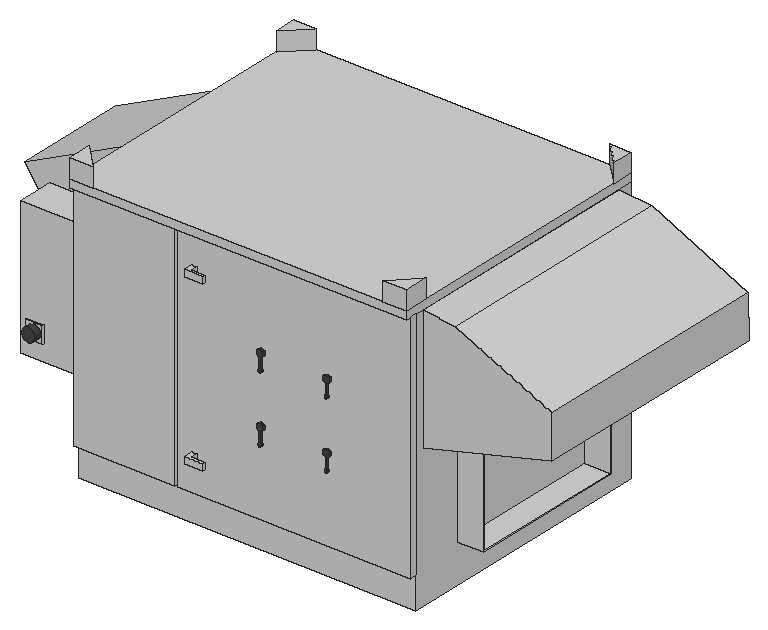
Revit family "Ventilator-RenewAire-Energy-Recovery-HE2XRTF", category Mechanical Equipment, Revit 2015
Parameters (values of type "1.5 HP 120V Single Phase")
  Voltage = "120"
  Ventilation Type = "Static Plate, Heat and Humidity Transfer"
  Unit Width = "43-1/2\""
  Unit Weight = "498-689 lbs., varies by option(s)"
  Unit Length = "87-1/2\""
  Unit Height = "44\""
  Unit = Metal - RenewAire - Anodized - Gray Text
  URL = "www.renewaire.com"
  Typical Airflow Range = "500-2,000 CFM"
  Standard Features = "TEFC Premium efficiency motors, Motor starters, Non-Fused Disconnect, 24VAC Transformer/Relay Package"
  Shipping Weight = "784 lbs."
  Service Area Visibility = no
  Service Area Box = Interference - RenewAire - Smooth - Light - Gold
  Revit Object Download Link = ""
  Phase = "Single"
  Options = "Integrated programmable controls, Fused disconnect, Double wall construction, Factory supplied and mounted variable frequency drives (VFDs) – one or both airstreams, Class 1 low leakage motorized isolation dampers – OA, RA or both airstreams, Qty. 2 Factory mounted filter alarms, Exterior Paint - white, custom colors"
  Optional Motorized Damper - OA = yes
  Optional Motorized Damper - EA = yes
  Number Motors = "Qty. 2, Belt drive blower/motor packages with adjustable sheaves"
  Model = "HE2XRTF"
  Minimum Circuit Amps = "34.2 A"
  Maximum Overcurrent Protection = "45 A"
  Max. Shipping Width = "47\""
  Max. Shipping Length = "96\""
  Max. Shipping Height = "50\""
  Manufacturer = "RenewAire LLC"
  Frequency = "60 HZ"
  FLA per Motor = "15.2"
  Description = "Energy Recovery Ventilator"
  Connector Base Material = Glass - With - Transparency
  Accessories = "Filters - MERV 13, 2\" (shipped loose), Roof curb - standard 14\", Curb wind clip, Engineered combo curb for Carrier RTU, Engineered combo curb for Trane RTU, Digital time clock - wall mount(TC7D-W), in exterior enclosure (TC7D-E), Motion occupancy control - ceiling mount(MC-C),  wall mount(MC-W), Carbon dioxide control - wall mount (CO2-W), duct mount(CO2-D), Electric duct heater – EK series (1-60 KW); designed for indoor ductwork installation only, Indirect gas-fired duct furnace - GH series (50-400 MBH), installed downstream of any fans"
  AHRI 1060 Certified Core = "Two L125-G5"
Types (11): name | Voltage | Phase | Minimum Circuit Amps | Maximum Overcurrent Protection | FLA per Motor
  (no name) | "120" | "Single" | "34.2 A" | "45 A" | "15.2"
  1.5 HP 120V Single Phase | "120" | "Single" | "34.2 A" | "45 A" | "15.2"
  1.5 HP 208-230V Single Phase | "208-230" | "Single" | "18.5 A" | "25 A" | "8.2-7.6"
  1.5 HP 208-230V Three Phase | "208-230" | "Three" | "10.8 A" | "15 A" | "4.6-4.8"
  1.5 HP 460V Three Phase | "460" | "Three" | "5.4 A" | "15 A" | "2.4"
  1.5 HP 575V Three Phase | "575" | "Three" | "4.1 A" | "15 A" | "1.8"
  2.0HP 120V Single Phase | "120" | "Single" | "45 A" | "60 A" | "20.0"
  2.0HP 208-230V Single Phase | "208-230" | "Single" | "24.3 A" | "35 A" | "10.8-10.0"
  2.0HP 208-230V Three Phase | "208-230" | "Three" | "14.9 A" | "20" | "6.6-5.8"
  2.0HP 460V Three Phase | "460" | "Three" | "6.5 A" | "15 A" | "2.9"
  2.0HP 575V Three Phase | "575" | "Three" | "5.4 A" | "15 A" | "2.4"
Reference planes (in)
  plane 1 "Center (Front/Back)": y = 0
  plane 2: z = 0
  plane 3 "Center (Left/Right)": x = 0
  plane 4: z = 23
  plane 5: z = 31.5
  plane 6: z = 25.75
  plane 7: x = -38.5
  plane 8: x = -30.625
  plane 9: x = -42.78125
  plane 10 "RA": x = 25.375
  plane 11 "FA": x = -25.375
  plane 12 "Bottom": z = 4
Forms (in)
  Extrusion 1, solid, material "Metal - RenewAire - Anodized - Gray Text" <- "Unit"
    sketch origin (0, 0, 0) x (1, 0, 0) y (0, 0, 1)
      loop
        line (-25.375, 40) -> (-25.375, 0) -> (25.375, 0) -> (25.375, 40) -> (-25.375, 40)
    from 19.75 to -20.75
  Extrusion 2, solid, material "Metal - RenewAire - Anodized - Gray Text"
    sketch origin (0, 0, 0) x (1, 0, 0) y (0, 0, 1)
      loop
        line (-9.6735, 40) -> (-9.6735, 4.75) -> (25.375, 4.75) -> (25.375, 40) -> (-9.6735, 40)
    from 20.75 to 19.75
  Extrusion 3, solid, material "Metal - RenewAire - Anodized - Gray Text"
    sketch origin (0, 0, 4.25) x (0, 1, 0) y (0, 0, 1)
      loop
        line (-12, 15.625) -> (-12, 1.625) -> (12, 1.625) -> (12, 15.625) -> (-12, 15.625)
      loop
        line (-11.875, 15.5) -> (-11.875, 1.75) -> (11.875, 1.75) -> (11.875, 15.5) -> (-11.875, 15.5)
    from 29.375 to 25.375
  Extrusion 4, solid, material "Metal - RenewAire - Anodized - Gray Text"
    sketch origin (13.514, 0.5, 36.5) x (0, 1, 0) y (-1, 0, 0)
      loop
        line (-21.25, 20.3125) -> (-21.25, 21.0625) -> (-22.625, 21.0625) -> (-22.625, 18.25) -> (-22.25, 18.25) -> (-22.25, 20.3125) -> (-21.25, 20.3125)
    from -26.25 to -27.25
  Extrusion 5, solid, material "Metal - RenewAire - Anodized - Gray Text"
    sketch origin (13.514, 0.5, 34.5) x (0, 1, 0) y (-1, 0, 0)
      loop
        line (-21.25, 20.3125) -> (-21.25, 21.0625) -> (-22.625, 21.0625) -> (-22.625, 18.25) -> (-22.25, 18.25) -> (-22.25, 20.3125) -> (-21.25, 20.3125)
    from 0 to 1
  Extrusion 6, solid, material "Metal - RenewAire - Anodized - Gray Text" <- "Unit"
    sketch origin (0, 0, 5.25) x (0, 1, 0) y (0, 0, 1)
      loop
        line (-12.75, 28) -> (-18.25, 28) -> (-18.25, 7.5) -> (-12.75, 7.5) -> (-12.75, 28)
    from -25.375 to -35.375
  Extrusion 7, solid, material "Metal - RenewAire - Anodized - Gray Text"
    sketch origin (-1, 0, 5.25) x (1, 0, 0) y (0, 0, 1)
      loop
        line (-33.375, 12.5) -> (-33.375, 10) -> (-30.875, 10) -> (-30.875, 12.5) -> (-33.375, 12.5)
    from 18.25 to 18.5
  Extrusion 8, solid, material "MonitorPorts"
    sketch origin (-1, 0, 5.25) x (1, 0, 0) y (0, 0, 1)
      loop
        circle (-32.125, 11.25) r 1
    from 19.5 to 18.5
  Extrusion 9, solid, material "Interference - RenewAire - Smooth - Light - Gold" <- "Service Area Box", visible <- "Service Area Visibility"
    sketch origin (0, 0, 0) x (1, 0, 0) y (0, 0, 1)
      loop
        line (-35.375, 41.1875) -> (-35.375, 0) -> (25.375, 0) -> (25.375, 41.1875) -> (-35.375, 41.1875)
    from 54.4375 to 20.75
  Extrusion 10, solid, material "Metal - RenewAire - Anodized - Gray Text"
    sketch origin (0, 0, 0) x (1, 0, 0) y (0, 0, 1)
      loop
        line (-25.375, 4.75) -> (-10.06284, 4.75) -> (-10.06284, 40) -> (-25.375, 40) -> (-25.375, 4.75)
    from 20.75 to 19.75
  Extrusion 11, solid, material "Metal - RenewAire - Anodized - Gray Text"
    sketch origin (0, 0, 0) x (1, 0, 0) y (0, 1, 0)
      loop
        line (-25.375, 20.75) -> (-25.375, -21.5) -> (25.375, -21.5) -> (25.375, 20.75) -> (-25.375, 20.75)
    from 41.1875 to 40
  Extrusion 12, solid, material "Metal - RenewAire - Anodized - Gray Text"
    sketch origin (-0.1875, 0, 0) x (1, 0, 0) y (0, 0, 1)
      loop
        line (25.5625, 21.375) -> (45.06666, 26.44892) -> (45.06666, 32.86982) -> (30.59449, 39.5) -> (25.5625, 40) -> (25.5625, 21.375)
    from 18.455 to -18.455
  Extrusion 13, solid, material "Metal - RenewAire - Anodized - Gray Text"
    sketch origin (0.125, 0, 0) x (1, 0, 0) y (0, 0, 1)
      loop
        line (-25.5, 40) -> (-42.90625, 31.5) -> (-38.625, 25.75) -> (-30.75, 23) -> (-25.5, 23) -> (-25.5, 40)
    from 8.1875 to -9.0625
  Extrusion 14, void
    sketch origin (0, 0, 0) x (1, 0, 0) y (0, 1, 0)
      loop
        line (-24.75, 20.25) -> (-24.75, -19.25) -> (24.8125, -19.25) -> (24.8125, 20.25) -> (-24.75, 20.25)
    from 0 to 3.625
  Extrusion 15, solid, material "Metal - RenewAire - Anodized - Gray Text" <- "Unit"
    sketch origin (0, -0.4375, 0) x (1, 0, 0) y (0, 1, 0)
      loop
        line (-25.375, -21.0625) -> (-21.8125, -21.0625) -> (-25.375, -17.5) -> (-25.375, -21.0625)
    from 41.1875 to 44
  Extrusion 16, solid, material "Metal - RenewAire - Anodized - Gray Text" <- "Unit"
    sketch origin (0, -0.4375, 0) x (-1, 0, 0) y (0, -1, 0)
      loop
        line (-25.375, 21.0625) -> (-25.375, 17.5) -> (-21.8125, 21.0625) -> (-25.375, 21.0625)
    from 41.1875 to 44
  Extrusion 17, solid, material "Metal - RenewAire - Anodized - Gray Text" <- "Unit"
    sketch origin (0, 0, 0) x (1, 0, 0) y (0, 1, 0)
      loop
        line (-25.375, 20.75) -> (-25.375, 17.5) -> (-22.125, 20.75) -> (-25.375, 20.75)
    from 41.1875 to 44
  Extrusion 18, solid, material "Metal - RenewAire - Anodized - Gray Text" <- "Unit"
    sketch origin (0, 0, 0) x (-1, 0, 0) y (0, -1, 0)
      loop
        line (-25.375, -20.75) -> (-22.125, -20.75) -> (-25.375, -17.5) -> (-25.375, -20.75)
    from 41.1875 to 44
  Extrusion 19, void
    sketch origin (0, 0, 0) x (1, 0, 0) y (0, 1, 0)
      loop
        line (-20, 12.25) -> (-20, 5.25) -> (-11.75, 5.25) -> (-11.75, 12.25) -> (-20, 12.25)
    from 2 to 3.75
Cuts and joins
  Extrusion 14, Extrusion 19 cuts Extrusion 1
Dimensions and locks (in)
  aligned and locked: level to plane 2
Nested families (in)
  nested 1: "Monitoring Port" at (12.875, -20.75, 14.739), type "Monitoring Port"
  nested 2: "Monitoring Port" at (12.875, -20.75, 24.739), type "Monitoring Port"
  nested 3: "Monitoring Port" at (2.875, -20.75, 14.739), type "Monitoring Port"
  nested 4: "Monitoring Port" at (2.875, -20.75, 24.739), type "Monitoring Port"
Connectors (in)
  hvac at (25.375, 0, 12.875)
    settings: index 4, duct flow 0 CFM, flow factor 0, pres drop 0.00 in-wg, loss coef 0, conn angle 0.00°, conn width 24", conn height 14", conn diameter 24", duct sys type 2, conn prof type 1, flow config 0, flow direction 1, loss method 0, conn ref index -1, conn util no, is conn primary yes, conn desc "RA (Return Air)"
  hvac at (-15.875, 8.75, 3.75)
    settings: on cut or joined group of Extrusion 1, Extrusion 14, Extrusion 19, index 5, duct flow 0 CFM, flow factor 0, pres drop 0.00 in-wg, loss coef 0, conn angle 0.00°, conn width 7", conn height 8 1/4", conn diameter 24", duct sys type 1, conn prof type 1, flow config 0, flow direction 2, loss method 0, conn ref index -1, conn util no, is conn primary no, conn desc "FA (Fresh Air)"
Definition of nested family "Monitoring Port"
  Parameters
    URL = "www.renewaire.com"
    Revit Object Download Link = ""
    Model = ""
    Manufacturer = "RenewAire LLC"
    Description = "Monitoring Ports"
  Reference planes (in)
    plane 1 "Center (Front/Back)": y = 0
    plane 2: z = 0
    plane 3 "Center (Left/Right)": x = 0
  Forms (in)
    Extrusion 1, solid
      sketch origin (-9.43348, 0, 37.76669) x (-1, 0, 0) y (0, 0, -1)
        loop
          line (-9.53348, 35.65895) -> (-9.94097, 35.42369) -> (-9.94097, 34.83769) -> (-9.43348, 34.54469) -> (-8.92599, 34.83769) -> (-8.92599, 35.42369) -> (-9.33348, 35.65895) -> (-9.33348, 37.28756)
          arc (-9.33348, 37.28756) -> (-9.43348, 37.76669) -> (-9.53348, 37.28756) r 0.25
          line (-9.53348, 37.28756) -> (-9.53348, 35.65895)
      from 0 to 0.25
  Dimensions and locks (in)
    aligned and locked: level to plane 2
